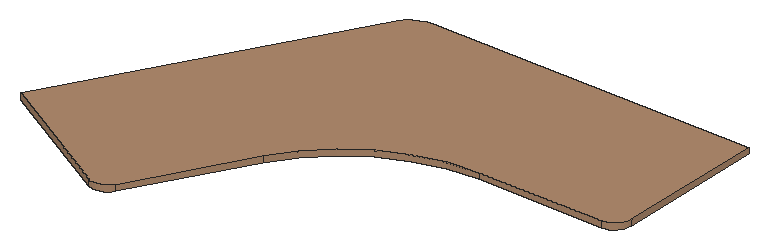
Revit family "Worksurface-Teknion-HWBWJT_hiSpace_120_Worksurface_With_Radius_Corners-R2020", category Furniture, Revit 2020
Family settings
  OmniClass Number = 23.40.20.00
  OmniClass Title = General Furniture and Specialties
  Work Plane-Based = No
  Always vertical = Yes
  Cut with Voids When Loaded = No
  Shared = No
  Room Calculation Point = No
Parameters (values of type "29" Depth, 58" Width")
  Width A = 24.484"
  Width = 58.000"
  Warranty = "http://www.teknion.com/ca/papers/legal-canada"
  URL = "www.teknion.com"
  Surface Finish [instance] = Foundation Laminate - Teknion - YA - Anigre
  Series = "Height-Adjustable Bench hiSpace"  # constant formula
  Product Page URL = "https://www.teknion.com/ca/products/product-details?productLineId=e4ad706f-8e7a-673b-a6c8-ff05004460c4"
  Product Line = "hiSpace 120 Bench"  # constant formula
  Product Documentation Link = "https://www.teknion.com/pricing/habh/pdfs/HWBWJT_ppg.pdf"
  Part Number = "HWBWJT"  # constant formula
  Model = "HWBWJT2958"
  Manufacturer Phone = "416-661-3370"  # constant formula
  Manufacturer Fax = "416.661.4586"  # constant formula
  Manufacturer Contact Information = "http://www.teknion.com/ca/contactus"
  Manufacturer Address = "1150 Flint Road, Toronto, ON. M3J 2J5. Canada"  # constant formula
  Manufacturer = "Teknion"  # constant formula
  Description = "hiSpace 120 Worksurface With Radius Corners - 29\" Depth, 58\" Width"
  Depth = 29.000"
  Default Elevation = 0.000"
  Available Width = "46, 52 & 58 Inch"  # constant formula
  Available Depth = "23 & 29 Inch"  # constant formula
  Actual Width = Width + 0.259"  # 58.259"
  Actual Depth = Depth - 0.500"  # 28.500"
Types (7): name | Width A | Width | Surface Finish | Model | Description | Depth | Actual Width | Actual Depth
  (no name) | 24.484" | 58.000" | Foundation Laminate - Teknion - YA - Anigre | "HWBWJT2958" | "hiSpace 120 Worksurface With Radius Corners - 29\" Depth, 58\" Width" | 29.000" | 58.259" | 28.500"
  29" Depth, 58" Width | 24.484" | 58.000" | Foundation Laminate - Teknion - YA - Anigre | "HWBWJT2958" | "hiSpace 120 Worksurface With Radius Corners - 29\" Depth, 58\" Width" | 29.000" | 58.259" | 28.500"
  23" Depth, 46" Width | 15.948" | 46.000" | Source Laminate - Teknion - DA - Espresso | "HWBWJT2346" | "hiSpace 120 Worksurface With Radius Corners - 23\" Depth, 46\" Width" | 23.000" | 46.259" | 22.500"
  29" Depth, 52" Width | 18.484" | 52.000" | Foundation Laminate - Teknion - 3P - Sycamore Reflect | "HWBWJT2952" | "hiSpace 120 Worksurface With Radius Corners - 29\" Depth, 52\" Width" | 29.000" | 52.259" | 28.500"
  29" Depth, 46" Width | 12.484" | 46.000" | Foundation Laminate - Teknion - XG - Very White | "HWBWJT2946" | "hiSpace 120 Worksurface With Radius Corners - 29\" Depth, 46\" Width" | 29.000" | 46.259" | 28.500"
  23" Depth, 52" Width | 21.948" | 52.000" | Source Laminate - Teknion - LY - Granite | "HWBWJT2352" | "hiSpace 120 Worksurface With Radius Corners - 23\" Depth, 52\" Width" | 23.000" | 52.259" | 22.500"
  23" Depth, 58" Width | 27.948" | 58.000" | Source Laminate - Teknion - 2C - Urban Walnut | "HWBWJT2358" | "hiSpace 120 Worksurface With Radius Corners - 23\" Depth, 58\" Width" | 23.000" | 58.259" | 22.500"
Reference planes (in)
  plane 1 "Center Front/Back": y = 0.14033
  plane 2: z = 0
  plane 3: through (-23.50358, -32.68788, 48) normal (-0.866, 0.5, 0)
  plane 4: z = 29.06
  plane 5: z = 28
  plane 6: through (-11.05181, 11.38667, 48) normal (0.866, 0.5, 0)
Forms (in)
  Sweep 1, solid, material "Foundation Laminate - Teknion - YA - Anigre" <- "Surface Finish"
    path origin (0, 0.14033, 0) x (1, 0, 0) y (0, 0, 1)
      loop
        line (-10.14413, 29.06) -> (-10.14413, 28)
    profile origin (-10.14413, 0.14033, 28.53) x (0, -1, 0) y (1, 0, 0)
      loop
        line (36.20377, -31.76281) -> (49.01628, -9.57089)
        arc (49.01628, -9.57089) -> (49.3035, -7.3893) -> (47.96397, -5.6436) r 2.87498
        line (47.96397, -5.6436) -> (29.25001, 5.16091)
        arc (29.25001, 5.16091) -> (18.26924, 16.14168) -> (14.25, 31.14169) r 30.00002
        line (14.25, 31.14169) -> (14.25, 52.75069)
        arc (14.25, 52.75069) -> (13.40793, 54.78362) -> (11.375, 55.62569) r 2.875
        line (11.375, 55.62569) -> (-14.25, 55.62569) -> (-14.25, 0.25344)
        arc (-14.25, 0.25344) -> (-13.58013, -2.24656) -> (-11.75, -4.07668) r 5
        line (-11.75, -4.07668) -> (36.20377, -31.76281)
Lines and regions (in)
  Masking region 1
    outline origin (0, 0, 0) x (1, 0, 0) y (0, 1, 0)
      loop
        line (-14.22081, 11.89034) -> (-41.90694, -36.06344) -> (-19.71502, -48.87595)
        arc (-19.71502, -48.87595) -> (-17.53343, -49.16316) -> (-15.78773, -47.82364) r 2.87498
        line (-15.78773, -47.82364) -> (-4.98322, -29.10967)
        arc (-4.98322, -29.10967) -> (5.99755, -18.12891) -> (20.99756, -14.10967) r 30.00002
        line (20.99756, -14.10967) -> (42.60656, -14.10967)
        arc (42.60656, -14.10967) -> (44.63949, -13.2676) -> (45.48156, -11.23467) r 2.875
        line (45.48156, -11.23467) -> (45.48156, 14.39033) -> (-9.89069, 14.39033)
        arc (-9.89069, 14.39033) -> (-12.39069, 13.72046) -> (-14.22081, 11.89034) r 5
  reference lines, not visible
    curve 1: line (-41.90694, -36.06344, 0) -> (-12.77744, 14.39033, 0)
    curve 2: line (3.67704, -14.10967, 0) -> (-17.22522, -50.31344, 0)
    curve 3: line (45.48156, -14.10967, 0) -> (32.39082, -14.10967, 0)
    curve 4: line (45.48156, 14.39033, 0) -> (45.48156, -14.10967, 0)
    curve 5: line (-12.77744, 14.39033, 0) -> (45.48156, 14.39033, 0)
    curve 6: line (-17.22522, -50.31344, 0) -> (-41.90694, -36.06344, 0)
    curve 7: line (45.48156, 14.39033, 0) -> (-12.77744, 14.39033, 0)
    curve 8: line (-12.77744, 14.39033, 0) -> (-41.90694, -36.06344, 0)
    curve 9: line (-41.90694, -36.06344, 0) -> (-17.22522, -50.31344, 0)
    curve 10: line (3.67704, -14.10967, 0) -> (45.48156, -14.10967, 0)
    curve 11: line (45.48156, -14.10967, 0) -> (45.48156, 14.39033, 0)
Dimensions and locks (in)
  equal spacing: curve 3, plane 1 "Center Front/Back", curve 5
  equal spacing: curve 1, plane 3, curve 2
  "Actual Depth": curve 2 to curve 1
  "Actual Depth": curve 3 to curve 5
  "Actual Width": curve 5 to curve 6
  "Actual Width": curve 5 to curve 4
  locked: plane 4 to plane 5 at 1.06
  locked: plane 4 to level at 29.06
  "Width A": curve 9 to Sweep 1 sketch curve
  "Width A": Sweep 1 sketch curve to curve 11
  nested 8 to curve 8 to nested 7 = 5.77153" locked, 1.73403"
  locked: curve 8 to nested 10 at 3.73732
  locked: curve 9 to nested 10 at 6.1024
  locked: curve 7 to nested 2 at 3.7373
  locked: nested 2 to curve 11 at 6.10236
  equal spacing: curve 9, nested 6, curve 8
  equal spacing: curve 8, nested 9, curve 11
  equal spacing: curve 9, nested 5, curve 8
  equal spacing: curve 8, nested 1, curve 11
  locked: curve 8 to nested 5 at 4.60109
  locked: curve 7 to nested 1 at 4.48504
  locked: curve 8 to nested 7 at 1.73403
  locked: nested 8 to curve 8 at 5.77153
  locked: Sweep 1 sketch curve to curve 2 at 2.87498
  locked: curve 10 to Sweep 1 sketch curve at 2.875
  locked: Sweep 1 sketch curve to curve 8 at 2.88675  (x2)
  "Width A": curve 9 to Masking region 1 sketch curve
  "Width A": Masking region 1 sketch curve to curve 11
  aligned and locked: level to plane 2
  aligned and locked: plane 5 to Sweep 1 sketch curve
  aligned and locked: plane 4 to Sweep 1 sketch curve
  aligned and locked: Sweep 1 sketch curve to curve 7
  aligned and locked: curve 8 to Sweep 1 sketch curve
  aligned and locked: Sweep 1 sketch curve to curve 9
  aligned and locked: curve 11 to Sweep 1 sketch curve
  aligned and locked: curve 10 to Sweep 1 sketch curve
  aligned and locked: nested 4 to plane 3
  aligned and locked: nested 4 to curve 9
  aligned and locked: plane 1 "Center Front/Back" to nested 3
  aligned and locked: curve 11 to nested 3
  aligned and locked: plane 6 to nested 8
  aligned and locked: plane 6 to nested 7
  aligned and locked: nested 9 to curve 7
  aligned and locked: nested 6 to curve 8
  aligned and locked: Sweep 1 sketch curve to curve 2
  aligned and locked: Masking region 1 sketch curve to Sweep 1  (x6)
Automatic sketch dimensions
  curve 3 to curve 3 = 13.09074"
Nested families (in)
  nested 1: "Teknion_2D_Node_Family-R2016" at (16.35206, 9.9053, 0), type "Teknion_2D_Node_Family-R2016"
  nested 2: "Teknion_2D_Node_Family-R2016" at (39.3792, 10.65304, 0), type "Teknion_2D_Node_Family-R2016"
  nested 3: "Teknion_2D_Node_Family-R2016" at (45.48156, 0.14033, 0), type "Teknion_2D_Node_Family-R2016"
  nested 4: "Teknion_2D_Node_Family-R2016" at (-29.56608, -43.18844, 0) x (0.5, 0.866, 0) z (0, 0, 1), type "Teknion_2D_Node_Family-R2016"
  nested 5: "Teknion_2D_Node_Family-R2016" at (-23.35753, -13.1371, 0) x (0.866, -0.5, 0) z (0, 0, 1), type "Teknion_2D_Node_Family-R2016"
  nested 6: "Teknion_2D_Node_Family-R2016" at (-27.34219, -10.83655, 0) x (0.866, -0.5, 0) z (0, 0, 1), type "Teknion_2D_Node_Family-R2016"
  nested 7: "Teknion_2D_Node_Family-R2016" at (-13.65086, 15.88835, 0) x (0.866, 0.5, 0) z (0, 0, 1), type "Teknion_2D_Node_Family-R2016"
  nested 8: "Teknion_2D_Node_Family-R2016" at (-9.89808, 9.38835, 0) x (0.866, 0.5, 0) z (0, 0, 1), type "Teknion_2D_Node_Family-R2016"
  nested 9: "Teknion_2D_Node_Family-R2016" at (16.35206, 14.39033, 0), type "Teknion_2D_Node_Family-R2016"
  nested 10: "Teknion_2D_Node_Family-R2016" at (-35.61913, -32.64726, 0) x (0.5, 0.866, 0) z (0, 0, 1), type "Teknion_2D_Node_Family-R2016"
Definition of nested family "Teknion_2D_Node_Family-R2016"
  Reference planes (in)
    plane 1 "Center (Front/Back)": y = 0
    plane 2: z = 0
    plane 3 "Center (Left/Right)": x = 0
  Lines and regions (in)
    detail lines, in view "Ref. Level"
      curve 1: circle (0, 0, 0) r 1.25 normal (0, 0, 1)
      curve 2: line (1.91508, -1.91508, 0) -> (-1.91508, 1.91508, 0)
      curve 3: line (-1.91508, -1.91508, 0) -> (1.91508, 1.91508, 0)
